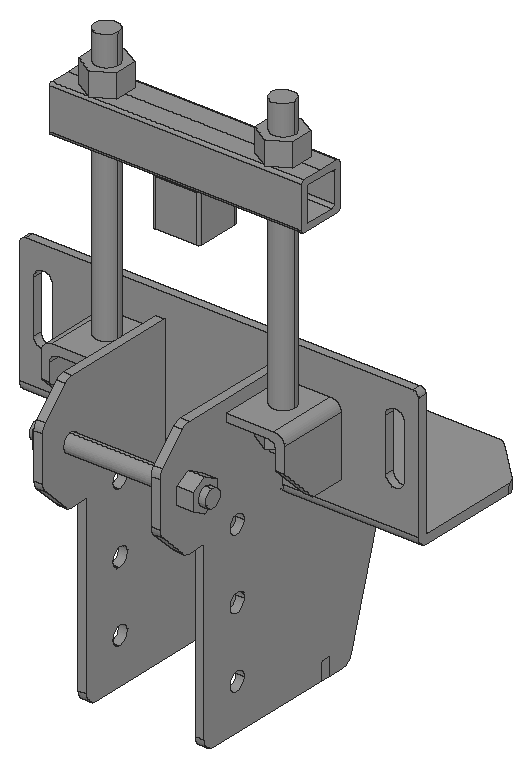
Revit family "TAL-U412", category Site, Revit 2025
Family settings
  Round Connector Dimension = Use Diameter
  Part Type = Normal
  Work Plane-Based = No
  Always vertical = Yes
  Cut with Voids When Loaded = No
  Shared = No
Reference planes (in)
  plane 1 "Center (Front/Back)": y = 0
  plane 2: z = 0
  plane 3 "Center (Left/Right)": x = 0
Forms (in)
  Extrusion 1, solid, material "Galvanized"
    sketch origin (-3.75929, 0, 0) x (1, 0, 0) y (0, 1, 0)
      loop
        line (0.8125, 0.4691) -> (0, 0.93819) -> (-0.8125, 0.4691) -> (-0.8125, -0.4691) -> (0, -0.93819) -> (0.8125, -0.4691) -> (0.8125, 0.4691)
      loop
        circle (0, 0) r 0.5
    from -0.98438 to 0
  Extrusion 2, solid, material "Galvanized"
    sketch origin (-3.75929, 0, 0) x (1, 0, 0) y (0, 1, 0)
      loop
        circle (0, 0) r 0.5
    from 1.23597 to -12.14453
  Extrusion 3, solid, material "Galvanized"
    sketch origin (-4.02708, 1.31058, 18.14063) x (1, 0, 0) y (0, 0, 1)
      loop
        line (1.33958, -28.59688) -> (-0.72136, -28.59688)
        arc (-0.72136, -28.59688) -> (-1.03182, -28.72548) -> (-1.16042, -29.03594) r 0.43906
        line (-1.16042, -29.03594) -> (-1.16042, -31.59688) -> (-0.78542, -31.59688) -> (-0.78542, -29.2874)
        arc (-0.78542, -29.2874) -> (-0.69301, -29.06429) -> (-0.4699, -28.97188) r 0.31552
        line (-0.4699, -28.97188) -> (1.33958, -28.97188) -> (1.33958, -28.59688)
    from 0 to 3
  Extrusion 4, solid, material "Galvanized"
    sketch origin (-3.75469, 0, -11.81563) x (1, 0, 0) y (0, 1, 0)
      loop
        line (0.8125, 0.4691) -> (0, 0.93819) -> (-0.8125, 0.4691) -> (-0.8125, -0.4691) -> (0, -0.93819) -> (0.8125, -0.4691) -> (0.8125, 0.4691)
      loop
        circle (0, 0) r 0.5
    from 0 to 0.98438
  Extrusion 5, solid, material "Galvanized"
    sketch origin (-8.5, 0, 18.14063) x (0, 1, 0) y (0, 0, 1)
      loop
        line (1.31058, -27.09688) -> (1.31058, -32.65645)
        arc (1.31058, -32.65645) -> (1.43958, -32.96788) -> (1.75101, -33.09688) r 0.44043
        line (1.75101, -33.09688) -> (8.31058, -33.09688) -> (8.31058, -32.72188) -> (1.83692, -32.72188)
        arc (1.83692, -32.72188) -> (1.72991, -32.67755) -> (1.68558, -32.57054) r 0.15134
        line (1.68558, -32.57054) -> (1.68558, -27.09688) -> (1.31058, -27.09688)
    from 0 to 17
  Extrusion 6, void
    sketch origin (-5.5, 1.68558, -8.95625) x (0, 0, 1) y (-1, 0, 0)
      loop
        line (-1.375, -12.59375) -> (-3.625, -12.59375)
        arc (-3.625, -12.59375) -> (-4.03125, -13) -> (-3.625, -13.40625) r 0.40625
        line (-3.625, -13.40625) -> (-1.375, -13.40625)
        arc (-1.375, -13.40625) -> (-0.96875, -13) -> (-1.375, -12.59375) r 0.40625
    from 0 to 0.375
  Extrusion 7, void
    sketch origin (-8.5, 1.68558, -8.95625) x (0, 0, 1) y (-1, 0, 0)
      loop
        line (-1.375, -0.59375) -> (-3.625, -0.59375)
        arc (-3.625, -0.59375) -> (-4.03125, -1) -> (-3.625, -1.40625) r 0.40625
        line (-3.625, -1.40625) -> (-1.375, -1.40625)
        arc (-1.375, -1.40625) -> (-0.96875, -1) -> (-1.375, -0.59375) r 0.40625
    from 0 to 0.375
  Extrusion 8, void
    sketch origin (-5.5, 8.31058, -14.58125) x (1, 0, 0) y (0, -1, 0)
      loop
        line (14, 0) -> (14, 2.18122)
        arc (14, 2.18122) -> (13.95739, 2.00425) -> (13.85426, 1.85426) r 0.5
        line (13.85426, 1.85426) -> (12.14573, 0.14573)
        arc (12.14573, 0.14573) -> (11.99585, 0.04264) -> (11.81901, 0) r 0.5
        line (11.81901, 0) -> (14, 0)
    from 0 to 0.375
  Extrusion 9, void
    sketch origin (-8.5, 8.31058, -14.58125) x (1, 0, 0) y (0, -1, 0)
      loop
        line (0, 0) -> (2.20711, 0)
        arc (2.20711, 0) -> (2.01577, 0.03806) -> (1.85355, 0.14645) r 0.5
        line (1.85355, 0.14645) -> (0.14645, 1.85355)
        arc (0.14645, 1.85355) -> (0.03806, 2.01577) -> (0, 2.20711) r 0.5
        line (0, 2.20711) -> (0, 0)
    from 0 to 0.375
  Extrusion 10, void
    sketch origin (-5.1875, 1.31058, -10.45625) x (0, 0, 1) y (0, -1, 0)
      loop
        line (-3, 3) -> (-3, 1.5) -> (-1.5, 3) -> (-3, 3)
    from 0 to 0.375
  Extrusion 11, solid, material "Galvanized"
    sketch origin (-2.6875, 1.31058, -10.45625) x (0, 0, -1) y (0, 1, 0)
      loop
        line (12.5, 2.09375) -> (11.75, 2.09375) -> (11.75, 2.46875) -> (12.5, 2.46875) -> (12.5, 3.18417)
        arc (12.5, 3.18417) -> (12.40193, 3.48159) -> (12.14619, 3.66233) r 0.5
        line (12.14619, 3.66233) -> (4.5, 6) -> (4.5, 0.44043)
        arc (4.5, 0.44043) -> (4.371, 0.129) -> (4.05957, 0) r 0.44043
        line (4.05957, 0) -> (-0.5, 0) -> (-0.5, -4.94914)
        arc (-0.5, -4.94914) -> (-0.46194, -5.14048) -> (-0.35355, -5.3027) r 0.5
        line (-0.35355, -5.3027) -> (0.6973, -6.35355)
        arc (0.6973, -6.35355) -> (0.85952, -6.46194) -> (1.05086, -6.5) r 0.5
        line (1.05086, -6.5) -> (2.98039, -6.5)
        arc (2.98039, -6.5) -> (3.17173, -6.46194) -> (3.33395, -6.35355) r 0.5
        line (3.33395, -6.35355) -> (4.3848, -5.3027)
        arc (4.3848, -5.3027) -> (4.49319, -5.14048) -> (4.53125, -4.94914) r 0.5
        line (4.53125, -4.94914) -> (4.53125, -4.15625) -> (12, -4.15625)
        arc (12, -4.15625) -> (12.35355, -4.0098) -> (12.5, -3.65625) r 0.5
        line (12.5, -3.65625) -> (12.5, 2.09375)
      loop
        circle (2.01563, -5.0335) r 0.40625
      loop
        circle (4.53125, -2.40625) r 0.40625
      loop
        circle (7.53125, -2.40625) r 0.40625
      loop
        circle (10.53125, -2.40625) r 0.40625
    from 0 to 0.375
  Extrusion 12, solid, material "Galvanized"
    sketch origin (-2.3125, 0.30833, -10.22188) x (0, 0, -1) y (0, 1, 0)
      loop
        circle (2.25, -4.03125) r 0.375
    from -1.44219 to 6.0724
  Extrusion 13, solid, material "Galvanized"
    sketch origin (-2.6875, 0.30833, -10.22188) x (0, 0, 1) y (0, 1, 0)
      loop
        line (-1.88916, -4.65625) -> (-1.52831, -4.03125) -> (-1.88916, -3.40625) -> (-2.61084, -3.40625) -> (-2.97169, -4.03125) -> (-2.61084, -4.65625) -> (-1.88916, -4.65625)
      loop
        circle (-2.25, -4.03125) r 0.375
    from 0 to 0.73438
  Extrusion 14, solid, material "Galvanized"
    sketch origin (2.68789, 0.30833, -10.22188) x (0, 0, 1) y (0, -1, 0)
      loop
        line (-1.88916, 4.65625) -> (-2.61084, 4.65625) -> (-2.97169, 4.03125) -> (-2.61084, 3.40625) -> (-1.88916, 3.40625) -> (-1.52831, 4.03125) -> (-1.88916, 4.65625)
      loop
        circle (-2.25, 4.03125) r 0.375
    from 0 to 0.73438
  Extrusion 15, solid, material "Galvanized"
    sketch origin (3.75929, 0, 0) x (-1, 0, 0) y (0, -1, 0)
      loop
        line (0.8125, -0.4691) -> (0.8125, 0.4691) -> (0, 0.93819) -> (-0.8125, 0.4691) -> (-0.8125, -0.4691) -> (0, -0.93819) -> (0.8125, -0.4691)
      loop
        circle (0, 0) r 0.5
    from -0.98438 to 0
  Extrusion 16, solid, material "Galvanized"
    sketch origin (3.75929, 0, 0) x (-1, 0, 0) y (0, -1, 0)
      loop
        circle (0, 0) r 0.5
    from 1.23597 to -12.14275
  Extrusion 17, solid, material "Galvanized"
    sketch origin (4.02708, 1.31058, 18.14063) x (-1, 0, 0) y (0, 0, -1)
      loop
        line (1.33958, 28.59688) -> (1.33958, 28.97188) -> (-0.4699, 28.97188)
        arc (-0.4699, 28.97188) -> (-0.69301, 29.06429) -> (-0.78542, 29.2874) r 0.31552
        line (-0.78542, 29.2874) -> (-0.78542, 31.59688) -> (-1.16042, 31.59688) -> (-1.16042, 29.03594)
        arc (-1.16042, 29.03594) -> (-1.03182, 28.72548) -> (-0.72136, 28.59688) r 0.43906
        line (-0.72136, 28.59688) -> (1.33958, 28.59688)
    from 0 to 3
  Extrusion 18, solid, material "Galvanized"
    sketch origin (3.75469, 0, -11.81563) x (-1, 0, 0) y (0, -1, 0)
      loop
        line (0.8125, -0.4691) -> (0.8125, 0.4691) -> (0, 0.93819) -> (-0.8125, 0.4691) -> (-0.8125, -0.4691) -> (0, -0.93819) -> (0.8125, -0.4691)
      loop
        circle (0, 0) r 0.5
    from 0 to 0.98438
  Extrusion 19, void
    sketch origin (5.1875, 1.31058, -10.45625) x (0, 0, 1) y (0, 1, 0)
      loop
        line (-3, -3) -> (-1.5, -3) -> (-3, -1.5) -> (-3, -3)
    from 0 to 0.375
  Extrusion 20, solid, material "Galvanized"
    sketch origin (2.4332, 3.77933, -36.55313) x (0, 0, -1) y (1, 0, 0)
      loop
        line (-13.59688, -5.1207) -> (-13.59688, 0.2543) -> (-14.34688, 0.2543) -> (-14.34688, -0.1207) -> (-15.59688, -0.1207) -> (-15.59688, -4.7457) -> (-14.34688, -4.7457) -> (-14.34688, -5.1207) -> (-13.59688, -5.1207)
    from 0 to 0.375
  Extrusion 21, solid, material "Galvanized"
    sketch origin (0, 0, 17.20625) x (0, 1, 0) y (0, 0, 1)
      loop
        line (0, -18.20625) -> (-0.875, -18.20625)
        arc (-0.875, -18.20625) -> (-0.96339, -18.24287) -> (-1, -18.33125) r 0.125
        line (-1, -18.33125) -> (-1, -20.08125)
        arc (-1, -20.08125) -> (-0.96339, -20.16964) -> (-0.875, -20.20625) r 0.125
        line (-0.875, -20.20625) -> (0.875, -20.20625)
        arc (0.875, -20.20625) -> (0.96339, -20.16964) -> (1, -20.08125) r 0.125
        line (1, -20.08125) -> (1, -18.33125)
        arc (1, -18.33125) -> (0.96339, -18.24287) -> (0.875, -18.20625) r 0.125
        line (0.875, -18.20625) -> (0, -18.20625)
      loop
        line (0, -18.45625) -> (-0.625, -18.45625)
        arc (-0.625, -18.45625) -> (-0.71339, -18.49287) -> (-0.75, -18.58125) r 0.125
        line (-0.75, -18.58125) -> (-0.75, -19.83125)
        arc (-0.75, -19.83125) -> (-0.71339, -19.91964) -> (-0.625, -19.95625) r 0.125
        line (-0.625, -19.95625) -> (0.625, -19.95625)
        arc (0.625, -19.95625) -> (0.71339, -19.91964) -> (0.75, -19.83125) r 0.125
        line (0.75, -19.83125) -> (0.75, -18.58125)
        arc (0.75, -18.58125) -> (0.71339, -18.49287) -> (0.625, -18.45625) r 0.125
        line (0.625, -18.45625) -> (0, -18.45625)
    from -5.375 to 5.375
  Extrusion 22, solid, material "Galvanized"
    sketch origin (0, 0, 0) x (1, 0, 0) y (0, 1, 0)
      loop
        line (-1, 0) -> (-1, -0.875)
        arc (-1, -0.875) -> (-0.96339, -0.96339) -> (-0.875, -1) r 0.125
        line (-0.875, -1) -> (0.875, -1)
        arc (0.875, -1) -> (0.96339, -0.96339) -> (1, -0.875) r 0.125
        line (1, -0.875) -> (1, 0.875)
        arc (1, 0.875) -> (0.96339, 0.96339) -> (0.875, 1) r 0.125
        line (0.875, 1) -> (-0.875, 1)
        arc (-0.875, 1) -> (-0.96339, 0.96339) -> (-1, 0.875) r 0.125
        line (-1, 0.875) -> (-1, 0)
      loop
        line (-0.75, 0) -> (-0.75, -0.625)
        arc (-0.75, -0.625) -> (-0.71339, -0.71339) -> (-0.625, -0.75) r 0.125
        line (-0.625, -0.75) -> (0.625, -0.75)
        arc (0.625, -0.75) -> (0.71339, -0.71339) -> (0.75, -0.625) r 0.125
        line (0.75, -0.625) -> (0.75, 0.625)
        arc (0.75, 0.625) -> (0.71339, 0.71339) -> (0.625, 0.75) r 0.125
        line (0.625, 0.75) -> (-0.625, 0.75)
        arc (-0.625, 0.75) -> (-0.71339, 0.71339) -> (-0.75, 0.625) r 0.125
        line (-0.75, 0.625) -> (-0.75, 0)
    from -5 to -3
  Extrusion 23, solid, material "Galvanized"
    sketch origin (2.4332, 1.31058, -10.45625) x (0, 0, -1) y (0, -1, 0)
      loop
        line (12.5, -2.09375) -> (12.5, 3.65625)
        arc (12.5, 3.65625) -> (12.35355, 4.0098) -> (12, 4.15625) r 0.5
        line (12, 4.15625) -> (4.53125, 4.15625) -> (4.53125, 4.94914)
        arc (4.53125, 4.94914) -> (4.49319, 5.14048) -> (4.3848, 5.3027) r 0.5
        line (4.3848, 5.3027) -> (3.33395, 6.35355)
        arc (3.33395, 6.35355) -> (3.17173, 6.46194) -> (2.98039, 6.5) r 0.5
        line (2.98039, 6.5) -> (1.05086, 6.5)
        arc (1.05086, 6.5) -> (0.85952, 6.46194) -> (0.6973, 6.35355) r 0.5
        line (0.6973, 6.35355) -> (-0.35355, 5.3027)
        arc (-0.35355, 5.3027) -> (-0.46194, 5.14048) -> (-0.5, 4.94914) r 0.5
        line (-0.5, 4.94914) -> (-0.5, 0) -> (4.05957, 0)
        arc (4.05957, 0) -> (4.371, -0.129) -> (4.5, -0.44043) r 0.44043
        line (4.5, -0.44043) -> (4.5, -6) -> (12.14619, -3.66233)
        arc (12.14619, -3.66233) -> (12.40193, -3.48159) -> (12.5, -3.18417) r 0.5
        line (12.5, -3.18417) -> (12.5, -2.46875) -> (11.75, -2.46875) -> (11.75, -2.09375) -> (12.5, -2.09375)
      loop
        circle (2.01563, 5.0335) r 0.40625
      loop
        circle (4.53125, 2.40625) r 0.40625
      loop
        circle (7.53125, 2.40625) r 0.40625
      loop
        circle (10.53125, 2.40625) r 0.40625
    from -0.2543 to 0.1207
  Extrusion 24, void
    sketch origin (-5.5, 1.68558, -8.95625) x (0, 0, 1) y (-1, 0, 0)
      loop
        line (-0.25, -14) -> (0, -14) -> (0, -13.75)
        arc (0, -13.75) -> (-0.07322, -13.92678) -> (-0.25, -14) r 0.25
    from 0 to 9.375
  Extrusion 25, void
    sketch origin (-8.5, 1.68558, -8.95625) x (0, 0, 1) y (-1, 0, 0)
      loop
        line (0, -0.25) -> (0, 0) -> (-0.25, 0)
        arc (-0.25, 0) -> (-0.07322, -0.07322) -> (0, -0.25) r 0.25
    from 0 to 9.375
Cuts and joins
  Extrusion 10, Extrusion 19 cuts Extrusion 3
  Extrusion 6, Extrusion 7, Extrusion 8, Extrusion 9, Extrusion 24, Extrusion 25 cuts Extrusion 5
  Extrusion 19 cuts Extrusion 17
